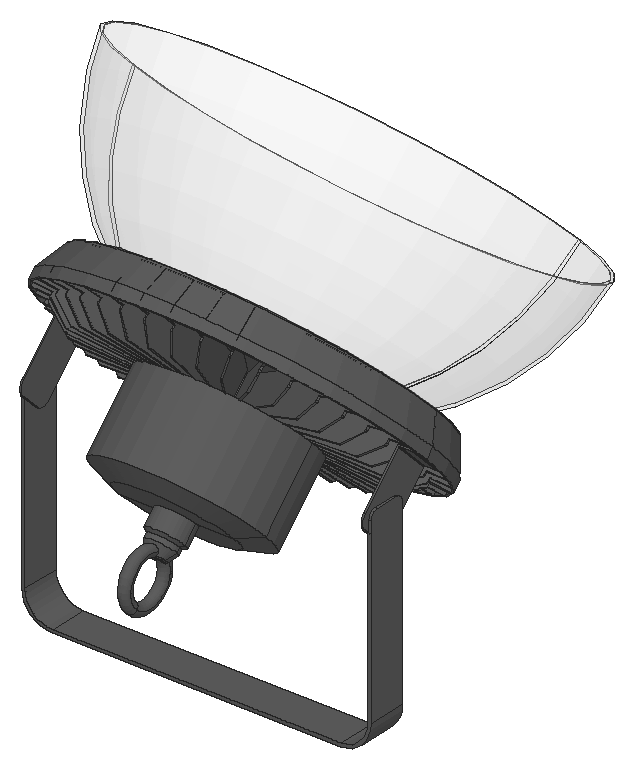
Revit family "0039367+0039355+0039361 Sylvania Lighting Fixture START HighBay IP65 DALI 26000lm 840 WB with BRACKET and PC LAMPSHADE TRANSPARENT FOR 26KLM", category Lighting Fixtures, host Face, Revit 2016 (continued)
Definition of nested family "Start LED Highbay DALI Head"
  Nested families
    nested 5: "Start Highbay Rib" at (0, 0, 80.875) x (0.809, 0.5878, 0) z (0, 0, 1), type "Type Name", detail levels medium+fine
      with SuspensionHeight_FEILO 2.6 mm, WidthStraight_FEILO 4.7 mm, WidthRingChamfer_FEILO 12.9 mm, WidthCurved_FEILO 26.2 mm, WidthCurvedRing_FEILO 4.7 mm, SizeS_FEILO no, Rib4_FEILO 14.6 mm, Rib3_FEILO 20.2 mm, Rib2_FEILO 4.5 mm, Rib1_FEILO 19 mm, RadiusDiffuser_FEILO 120 mm, RHRadius3_FEILO 8.6 mm, RHRadius2_FEILO 14 mm, RHRadius1_FEILO 17.7 mm, RHHeight4_FEILO 9.2 mm, RHHeight3_FEILO 4.6 mm, RHHeight2_FEILO 2.6 mm, RHHeight1_FEILO 17.4 mm, HeightRing_FEILO 36.8 mm, HeightRingChamfer_FEILO 26.6 mm, EyeThickness_FEILO 10.5 mm, EyeThicknessHalf_FEILO 5.25 mm, EyeInner_FEILO 17.3 mm, DriverVerticalStraight_FEILO 57 mm, DriverVerticalChamfer_FEILO 9.5 mm, DriverRadius_FEILO 76.4 mm, DriverRadiusTop_FEILO 52.4 mm, DriverBottom_FEILO 74 mm, Radius_FEILO 169.5 mm
    nested 6: "Start Highbay Rib" at (0, 0, 80.875) x (0.7071, 0.7071, 0) z (0, 0, 1), type "Type Name", detail levels medium+fine
      with SuspensionHeight_FEILO 2.6 mm, WidthStraight_FEILO 4.7 mm, WidthRingChamfer_FEILO 12.9 mm, WidthCurved_FEILO 26.2 mm, WidthCurvedRing_FEILO 4.7 mm, SizeS_FEILO no, Rib4_FEILO 14.6 mm, Rib3_FEILO 20.2 mm, Rib2_FEILO 4.5 mm, Rib1_FEILO 19 mm, RadiusDiffuser_FEILO 120 mm, RHRadius3_FEILO 8.6 mm, RHRadius2_FEILO 14 mm, RHRadius1_FEILO 17.7 mm, RHHeight4_FEILO 9.2 mm, RHHeight3_FEILO 4.6 mm, RHHeight2_FEILO 2.6 mm, RHHeight1_FEILO 17.4 mm, HeightRing_FEILO 36.8 mm, HeightRingChamfer_FEILO 26.6 mm, EyeThickness_FEILO 10.5 mm, EyeThicknessHalf_FEILO 5.25 mm, EyeInner_FEILO 17.3 mm, DriverVerticalStraight_FEILO 57 mm, DriverVerticalChamfer_FEILO 9.5 mm, DriverRadius_FEILO 76.4 mm, DriverRadiusTop_FEILO 52.4 mm, DriverBottom_FEILO 74 mm, Radius_FEILO 169.5 mm
    nested 7: "Start Highbay Rib" at (0, 0, 80.875) x (0.5878, 0.809, 0) z (0, 0, 1), type "Type Name", detail levels medium+fine
      with SuspensionHeight_FEILO 2.6 mm, WidthStraight_FEILO 4.7 mm, WidthRingChamfer_FEILO 12.9 mm, WidthCurved_FEILO 26.2 mm, WidthCurvedRing_FEILO 4.7 mm, SizeS_FEILO no, Rib4_FEILO 14.6 mm, Rib3_FEILO 20.2 mm, Rib2_FEILO 4.5 mm, Rib1_FEILO 19 mm, RadiusDiffuser_FEILO 120 mm, RHRadius3_FEILO 8.6 mm, RHRadius2_FEILO 14 mm, RHRadius1_FEILO 17.7 mm, RHHeight4_FEILO 9.2 mm, RHHeight3_FEILO 4.6 mm, RHHeight2_FEILO 2.6 mm, RHHeight1_FEILO 17.4 mm, HeightRing_FEILO 36.8 mm, HeightRingChamfer_FEILO 26.6 mm, EyeThickness_FEILO 10.5 mm, EyeThicknessHalf_FEILO 5.25 mm, EyeInner_FEILO 17.3 mm, DriverVerticalStraight_FEILO 57 mm, DriverVerticalChamfer_FEILO 9.5 mm, DriverRadius_FEILO 76.4 mm, DriverRadiusTop_FEILO 52.4 mm, DriverBottom_FEILO 74 mm, Radius_FEILO 169.5 mm
    nested 8: "Start Highbay Rib" at (0, 0, 80.875) x (0.454, 0.891, 0) z (0, 0, 1), type "Type Name", detail levels medium+fine
      with SuspensionHeight_FEILO 2.6 mm, WidthStraight_FEILO 4.7 mm, WidthRingChamfer_FEILO 12.9 mm, WidthCurved_FEILO 26.2 mm, WidthCurvedRing_FEILO 4.7 mm, SizeS_FEILO no, Rib4_FEILO 14.6 mm, Rib3_FEILO 20.2 mm, Rib2_FEILO 4.5 mm, Rib1_FEILO 19 mm, RadiusDiffuser_FEILO 120 mm, RHRadius3_FEILO 8.6 mm, RHRadius2_FEILO 14 mm, RHRadius1_FEILO 17.7 mm, RHHeight4_FEILO 9.2 mm, RHHeight3_FEILO 4.6 mm, RHHeight2_FEILO 2.6 mm, RHHeight1_FEILO 17.4 mm, HeightRing_FEILO 36.8 mm, HeightRingChamfer_FEILO 26.6 mm, EyeThickness_FEILO 10.5 mm, EyeThicknessHalf_FEILO 5.25 mm, EyeInner_FEILO 17.3 mm, DriverVerticalStraight_FEILO 57 mm, DriverVerticalChamfer_FEILO 9.5 mm, DriverRadius_FEILO 76.4 mm, DriverRadiusTop_FEILO 52.4 mm, DriverBottom_FEILO 74 mm, Radius_FEILO 169.5 mm
    nested 9: "Start Highbay Rib" at (0, 0, 80.875) x (0.309, 0.9511, 0) z (0, 0, 1), type "Type Name", detail levels medium+fine
      with SuspensionHeight_FEILO 2.6 mm, WidthStraight_FEILO 4.7 mm, WidthRingChamfer_FEILO 12.9 mm, WidthCurved_FEILO 26.2 mm, WidthCurvedRing_FEILO 4.7 mm, SizeS_FEILO no, Rib4_FEILO 14.6 mm, Rib3_FEILO 20.2 mm, Rib2_FEILO 4.5 mm, Rib1_FEILO 19 mm, RadiusDiffuser_FEILO 120 mm, RHRadius3_FEILO 8.6 mm, RHRadius2_FEILO 14 mm, RHRadius1_FEILO 17.7 mm, RHHeight4_FEILO 9.2 mm, RHHeight3_FEILO 4.6 mm, RHHeight2_FEILO 2.6 mm, RHHeight1_FEILO 17.4 mm, HeightRing_FEILO 36.8 mm, HeightRingChamfer_FEILO 26.6 mm, EyeThickness_FEILO 10.5 mm, EyeThicknessHalf_FEILO 5.25 mm, EyeInner_FEILO 17.3 mm, DriverVerticalStraight_FEILO 57 mm, DriverVerticalChamfer_FEILO 9.5 mm, DriverRadius_FEILO 76.4 mm, DriverRadiusTop_FEILO 52.4 mm, DriverBottom_FEILO 74 mm, Radius_FEILO 169.5 mm
    nested 10: "Start Highbay Rib" at (0, 0, 80.875) x (0.1564, 0.9877, 0) z (0, 0, 1), type "Type Name", detail levels medium+fine
      with SuspensionHeight_FEILO 2.6 mm, WidthStraight_FEILO 4.7 mm, WidthRingChamfer_FEILO 12.9 mm, WidthCurved_FEILO 26.2 mm, WidthCurvedRing_FEILO 4.7 mm, SizeS_FEILO no, Rib4_FEILO 14.6 mm, Rib3_FEILO 20.2 mm, Rib2_FEILO 4.5 mm, Rib1_FEILO 19 mm, RadiusDiffuser_FEILO 120 mm, RHRadius3_FEILO 8.6 mm, RHRadius2_FEILO 14 mm, RHRadius1_FEILO 17.7 mm, RHHeight4_FEILO 9.2 mm, RHHeight3_FEILO 4.6 mm, RHHeight2_FEILO 2.6 mm, RHHeight1_FEILO 17.4 mm, HeightRing_FEILO 36.8 mm, HeightRingChamfer_FEILO 26.6 mm, EyeThickness_FEILO 10.5 mm, EyeThicknessHalf_FEILO 5.25 mm, EyeInner_FEILO 17.3 mm, DriverVerticalStraight_FEILO 57 mm, DriverVerticalChamfer_FEILO 9.5 mm, DriverRadius_FEILO 76.4 mm, DriverRadiusTop_FEILO 52.4 mm, DriverBottom_FEILO 74 mm, Radius_FEILO 169.5 mm
    nested 11: "Start Highbay Rib" at (0, 0, 80.875) x (0, 1, 0) z (0, 0, 1), type "Type Name", detail levels medium+fine
      with SuspensionHeight_FEILO 2.6 mm, WidthStraight_FEILO 4.7 mm, WidthRingChamfer_FEILO 12.9 mm, WidthCurved_FEILO 26.2 mm, WidthCurvedRing_FEILO 4.7 mm, SizeS_FEILO no, Rib4_FEILO 14.6 mm, Rib3_FEILO 20.2 mm, Rib2_FEILO 4.5 mm, Rib1_FEILO 19 mm, RadiusDiffuser_FEILO 120 mm, RHRadius3_FEILO 8.6 mm, RHRadius2_FEILO 14 mm, RHRadius1_FEILO 17.7 mm, RHHeight4_FEILO 9.2 mm, RHHeight3_FEILO 4.6 mm, RHHeight2_FEILO 2.6 mm, RHHeight1_FEILO 17.4 mm, HeightRing_FEILO 36.8 mm, HeightRingChamfer_FEILO 26.6 mm, EyeThickness_FEILO 10.5 mm, EyeThicknessHalf_FEILO 5.25 mm, EyeInner_FEILO 17.3 mm, DriverVerticalStraight_FEILO 57 mm, DriverVerticalChamfer_FEILO 9.5 mm, DriverRadius_FEILO 76.4 mm, DriverRadiusTop_FEILO 52.4 mm, DriverBottom_FEILO 74 mm, Radius_FEILO 169.5 mm
    nested 12: "Start Highbay Rib" at (0, 0, 80.875) x (-0.1564, 0.9877, 0) z (0, 0, 1), type "Type Name", detail levels medium+fine
      with SuspensionHeight_FEILO 2.6 mm, WidthStraight_FEILO 4.7 mm, WidthRingChamfer_FEILO 12.9 mm, WidthCurved_FEILO 26.2 mm, WidthCurvedRing_FEILO 4.7 mm, SizeS_FEILO no, Rib4_FEILO 14.6 mm, Rib3_FEILO 20.2 mm, Rib2_FEILO 4.5 mm, Rib1_FEILO 19 mm, RadiusDiffuser_FEILO 120 mm, RHRadius3_FEILO 8.6 mm, RHRadius2_FEILO 14 mm, RHRadius1_FEILO 17.7 mm, RHHeight4_FEILO 9.2 mm, RHHeight3_FEILO 4.6 mm, RHHeight2_FEILO 2.6 mm, RHHeight1_FEILO 17.4 mm, HeightRing_FEILO 36.8 mm, HeightRingChamfer_FEILO 26.6 mm, EyeThickness_FEILO 10.5 mm, EyeThicknessHalf_FEILO 5.25 mm, EyeInner_FEILO 17.3 mm, DriverVerticalStraight_FEILO 57 mm, DriverVerticalChamfer_FEILO 9.5 mm, DriverRadius_FEILO 76.4 mm, DriverRadiusTop_FEILO 52.4 mm, DriverBottom_FEILO 74 mm, Radius_FEILO 169.5 mm
    nested 13: "Start Highbay Rib" at (0, 0, 80.875) x (-0.309, 0.9511, 0) z (0, 0, 1), type "Type Name", detail levels medium+fine
      with SuspensionHeight_FEILO 2.6 mm, WidthStraight_FEILO 4.7 mm, WidthRingChamfer_FEILO 12.9 mm, WidthCurved_FEILO 26.2 mm, WidthCurvedRing_FEILO 4.7 mm, SizeS_FEILO no, Rib4_FEILO 14.6 mm, Rib3_FEILO 20.2 mm, Rib2_FEILO 4.5 mm, Rib1_FEILO 19 mm, RadiusDiffuser_FEILO 120 mm, RHRadius3_FEILO 8.6 mm, RHRadius2_FEILO 14 mm, RHRadius1_FEILO 17.7 mm, RHHeight4_FEILO 9.2 mm, RHHeight3_FEILO 4.6 mm, RHHeight2_FEILO 2.6 mm, RHHeight1_FEILO 17.4 mm, HeightRing_FEILO 36.8 mm, HeightRingChamfer_FEILO 26.6 mm, EyeThickness_FEILO 10.5 mm, EyeThicknessHalf_FEILO 5.25 mm, EyeInner_FEILO 17.3 mm, DriverVerticalStraight_FEILO 57 mm, DriverVerticalChamfer_FEILO 9.5 mm, DriverRadius_FEILO 76.4 mm, DriverRadiusTop_FEILO 52.4 mm, DriverBottom_FEILO 74 mm, Radius_FEILO 169.5 mm
    nested 14: "Start Highbay Rib" at (0, 0, 80.875) x (-0.454, 0.891, 0) z (0, 0, 1), type "Type Name", detail levels medium+fine
      with SuspensionHeight_FEILO 2.6 mm, WidthStraight_FEILO 4.7 mm, WidthRingChamfer_FEILO 12.9 mm, WidthCurved_FEILO 26.2 mm, WidthCurvedRing_FEILO 4.7 mm, SizeS_FEILO no, Rib4_FEILO 14.6 mm, Rib3_FEILO 20.2 mm, Rib2_FEILO 4.5 mm, Rib1_FEILO 19 mm, RadiusDiffuser_FEILO 120 mm, RHRadius3_FEILO 8.6 mm, RHRadius2_FEILO 14 mm, RHRadius1_FEILO 17.7 mm, RHHeight4_FEILO 9.2 mm, RHHeight3_FEILO 4.6 mm, RHHeight2_FEILO 2.6 mm, RHHeight1_FEILO 17.4 mm, HeightRing_FEILO 36.8 mm, HeightRingChamfer_FEILO 26.6 mm, EyeThickness_FEILO 10.5 mm, EyeThicknessHalf_FEILO 5.25 mm, EyeInner_FEILO 17.3 mm, DriverVerticalStraight_FEILO 57 mm, DriverVerticalChamfer_FEILO 9.5 mm, DriverRadius_FEILO 76.4 mm, DriverRadiusTop_FEILO 52.4 mm, DriverBottom_FEILO 74 mm, Radius_FEILO 169.5 mm
    nested 15: "Start Highbay Rib" at (0, 0, 80.875) x (-0.5878, 0.809, 0) z (0, 0, 1), type "Type Name", detail levels medium+fine
      with SuspensionHeight_FEILO 2.6 mm, WidthStraight_FEILO 4.7 mm, WidthRingChamfer_FEILO 12.9 mm, WidthCurved_FEILO 26.2 mm, WidthCurvedRing_FEILO 4.7 mm, SizeS_FEILO no, Rib4_FEILO 14.6 mm, Rib3_FEILO 20.2 mm, Rib2_FEILO 4.5 mm, Rib1_FEILO 19 mm, RadiusDiffuser_FEILO 120 mm, RHRadius3_FEILO 8.6 mm, RHRadius2_FEILO 14 mm, RHRadius1_FEILO 17.7 mm, RHHeight4_FEILO 9.2 mm, RHHeight3_FEILO 4.6 mm, RHHeight2_FEILO 2.6 mm, RHHeight1_FEILO 17.4 mm, HeightRing_FEILO 36.8 mm, HeightRingChamfer_FEILO 26.6 mm, EyeThickness_FEILO 10.5 mm, EyeThicknessHalf_FEILO 5.25 mm, EyeInner_FEILO 17.3 mm, DriverVerticalStraight_FEILO 57 mm, DriverVerticalChamfer_FEILO 9.5 mm, DriverRadius_FEILO 76.4 mm, DriverRadiusTop_FEILO 52.4 mm, DriverBottom_FEILO 74 mm, Radius_FEILO 169.5 mm
    nested 16: "Start Highbay Rib" at (0, 0, 80.875) x (-0.7071, 0.7071, 0) z (0, 0, 1), type "Type Name", detail levels medium+fine
      with SuspensionHeight_FEILO 2.6 mm, WidthStraight_FEILO 4.7 mm, WidthRingChamfer_FEILO 12.9 mm, WidthCurved_FEILO 26.2 mm, WidthCurvedRing_FEILO 4.7 mm, SizeS_FEILO no, Rib4_FEILO 14.6 mm, Rib3_FEILO 20.2 mm, Rib2_FEILO 4.5 mm, Rib1_FEILO 19 mm, RadiusDiffuser_FEILO 120 mm, RHRadius3_FEILO 8.6 mm, RHRadius2_FEILO 14 mm, RHRadius1_FEILO 17.7 mm, RHHeight4_FEILO 9.2 mm, RHHeight3_FEILO 4.6 mm, RHHeight2_FEILO 2.6 mm, RHHeight1_FEILO 17.4 mm, HeightRing_FEILO 36.8 mm, HeightRingChamfer_FEILO 26.6 mm, EyeThickness_FEILO 10.5 mm, EyeThicknessHalf_FEILO 5.25 mm, EyeInner_FEILO 17.3 mm, DriverVerticalStraight_FEILO 57 mm, DriverVerticalChamfer_FEILO 9.5 mm, DriverRadius_FEILO 76.4 mm, DriverRadiusTop_FEILO 52.4 mm, DriverBottom_FEILO 74 mm, Radius_FEILO 169.5 mm
    nested 17: "Start Highbay Rib" at (0, 0, 80.875) x (-0.809, 0.5878, 0) z (0, 0, 1), type "Type Name", detail levels medium+fine
      with SuspensionHeight_FEILO 2.6 mm, WidthStraight_FEILO 4.7 mm, WidthRingChamfer_FEILO 12.9 mm, WidthCurved_FEILO 26.2 mm, WidthCurvedRing_FEILO 4.7 mm, SizeS_FEILO no, Rib4_FEILO 14.6 mm, Rib3_FEILO 20.2 mm, Rib2_FEILO 4.5 mm, Rib1_FEILO 19 mm, RadiusDiffuser_FEILO 120 mm, RHRadius3_FEILO 8.6 mm, RHRadius2_FEILO 14 mm, RHRadius1_FEILO 17.7 mm, RHHeight4_FEILO 9.2 mm, RHHeight3_FEILO 4.6 mm, RHHeight2_FEILO 2.6 mm, RHHeight1_FEILO 17.4 mm, HeightRing_FEILO 36.8 mm, HeightRingChamfer_FEILO 26.6 mm, EyeThickness_FEILO 10.5 mm, EyeThicknessHalf_FEILO 5.25 mm, EyeInner_FEILO 17.3 mm, DriverVerticalStraight_FEILO 57 mm, DriverVerticalChamfer_FEILO 9.5 mm, DriverRadius_FEILO 76.4 mm, DriverRadiusTop_FEILO 52.4 mm, DriverBottom_FEILO 74 mm, Radius_FEILO 169.5 mm
    nested 18: "Start Highbay Rib" at (0, 0, 80.875) x (-0.891, 0.454, 0) z (0, 0, 1), type "Type Name", detail levels medium+fine
      with SuspensionHeight_FEILO 2.6 mm, WidthStraight_FEILO 4.7 mm, WidthRingChamfer_FEILO 12.9 mm, WidthCurved_FEILO 26.2 mm, WidthCurvedRing_FEILO 4.7 mm, SizeS_FEILO no, Rib4_FEILO 14.6 mm, Rib3_FEILO 20.2 mm, Rib2_FEILO 4.5 mm, Rib1_FEILO 19 mm, RadiusDiffuser_FEILO 120 mm, RHRadius3_FEILO 8.6 mm, RHRadius2_FEILO 14 mm, RHRadius1_FEILO 17.7 mm, RHHeight4_FEILO 9.2 mm, RHHeight3_FEILO 4.6 mm, RHHeight2_FEILO 2.6 mm, RHHeight1_FEILO 17.4 mm, HeightRing_FEILO 36.8 mm, HeightRingChamfer_FEILO 26.6 mm, EyeThickness_FEILO 10.5 mm, EyeThicknessHalf_FEILO 5.25 mm, EyeInner_FEILO 17.3 mm, DriverVerticalStraight_FEILO 57 mm, DriverVerticalChamfer_FEILO 9.5 mm, DriverRadius_FEILO 76.4 mm, DriverRadiusTop_FEILO 52.4 mm, DriverBottom_FEILO 74 mm, Radius_FEILO 169.5 mm
    nested 19: "Start Highbay Rib" at (0, 0, 80.875) x (-0.9511, 0.309, 0) z (0, 0, 1), type "Type Name", detail levels medium+fine
      with SuspensionHeight_FEILO 2.6 mm, WidthStraight_FEILO 4.7 mm, WidthRingChamfer_FEILO 12.9 mm, WidthCurved_FEILO 26.2 mm, WidthCurvedRing_FEILO 4.7 mm, SizeS_FEILO no, Rib4_FEILO 14.6 mm, Rib3_FEILO 20.2 mm, Rib2_FEILO 4.5 mm, Rib1_FEILO 19 mm, RadiusDiffuser_FEILO 120 mm, RHRadius3_FEILO 8.6 mm, RHRadius2_FEILO 14 mm, RHRadius1_FEILO 17.7 mm, RHHeight4_FEILO 9.2 mm, RHHeight3_FEILO 4.6 mm, RHHeight2_FEILO 2.6 mm, RHHeight1_FEILO 17.4 mm, HeightRing_FEILO 36.8 mm, HeightRingChamfer_FEILO 26.6 mm, EyeThickness_FEILO 10.5 mm, EyeThicknessHalf_FEILO 5.25 mm, EyeInner_FEILO 17.3 mm, DriverVerticalStraight_FEILO 57 mm, DriverVerticalChamfer_FEILO 9.5 mm, DriverRadius_FEILO 76.4 mm, DriverRadiusTop_FEILO 52.4 mm, DriverBottom_FEILO 74 mm, Radius_FEILO 169.5 mm
    nested 20: "Start Highbay Rib" at (0, 0, 80.875) x (-0.9877, 0.1564, 0) z (0, 0, 1), type "Type Name", detail levels medium+fine
      with SuspensionHeight_FEILO 2.6 mm, WidthStraight_FEILO 4.7 mm, WidthRingChamfer_FEILO 12.9 mm, WidthCurved_FEILO 26.2 mm, WidthCurvedRing_FEILO 4.7 mm, SizeS_FEILO no, Rib4_FEILO 14.6 mm, Rib3_FEILO 20.2 mm, Rib2_FEILO 4.5 mm, Rib1_FEILO 19 mm, RadiusDiffuser_FEILO 120 mm, RHRadius3_FEILO 8.6 mm, RHRadius2_FEILO 14 mm, RHRadius1_FEILO 17.7 mm, RHHeight4_FEILO 9.2 mm, RHHeight3_FEILO 4.6 mm, RHHeight2_FEILO 2.6 mm, RHHeight1_FEILO 17.4 mm, HeightRing_FEILO 36.8 mm, HeightRingChamfer_FEILO 26.6 mm, EyeThickness_FEILO 10.5 mm, EyeThicknessHalf_FEILO 5.25 mm, EyeInner_FEILO 17.3 mm, DriverVerticalStraight_FEILO 57 mm, DriverVerticalChamfer_FEILO 9.5 mm, DriverRadius_FEILO 76.4 mm, DriverRadiusTop_FEILO 52.4 mm, DriverBottom_FEILO 74 mm, Radius_FEILO 169.5 mm
    nested 21: "Start Highbay Rib" at (0, 0, 80.875) x (-1, 0, 0) z (0, 0, 1), type "Type Name", detail levels medium+fine
      with SuspensionHeight_FEILO 2.6 mm, WidthStraight_FEILO 4.7 mm, WidthRingChamfer_FEILO 12.9 mm, WidthCurved_FEILO 26.2 mm, WidthCurvedRing_FEILO 4.7 mm, SizeS_FEILO no, Rib4_FEILO 14.6 mm, Rib3_FEILO 20.2 mm, Rib2_FEILO 4.5 mm, Rib1_FEILO 19 mm, RadiusDiffuser_FEILO 120 mm, RHRadius3_FEILO 8.6 mm, RHRadius2_FEILO 14 mm, RHRadius1_FEILO 17.7 mm, RHHeight4_FEILO 9.2 mm, RHHeight3_FEILO 4.6 mm, RHHeight2_FEILO 2.6 mm, RHHeight1_FEILO 17.4 mm, HeightRing_FEILO 36.8 mm, HeightRingChamfer_FEILO 26.6 mm, EyeThickness_FEILO 10.5 mm, EyeThicknessHalf_FEILO 5.25 mm, EyeInner_FEILO 17.3 mm, DriverVerticalStraight_FEILO 57 mm, DriverVerticalChamfer_FEILO 9.5 mm, DriverRadius_FEILO 76.4 mm, DriverRadiusTop_FEILO 52.4 mm, DriverBottom_FEILO 74 mm, Radius_FEILO 169.5 mm
    nested 22: "Start Highbay Rib" at (0, 0, 80.875) x (-0.9877, -0.1564, 0) z (0, 0, 1), type "Type Name", detail levels medium+fine
      with SuspensionHeight_FEILO 2.6 mm, WidthStraight_FEILO 4.7 mm, WidthRingChamfer_FEILO 12.9 mm, WidthCurved_FEILO 26.2 mm, WidthCurvedRing_FEILO 4.7 mm, SizeS_FEILO no, Rib4_FEILO 14.6 mm, Rib3_FEILO 20.2 mm, Rib2_FEILO 4.5 mm, Rib1_FEILO 19 mm, RadiusDiffuser_FEILO 120 mm, RHRadius3_FEILO 8.6 mm, RHRadius2_FEILO 14 mm, RHRadius1_FEILO 17.7 mm, RHHeight4_FEILO 9.2 mm, RHHeight3_FEILO 4.6 mm, RHHeight2_FEILO 2.6 mm, RHHeight1_FEILO 17.4 mm, HeightRing_FEILO 36.8 mm, HeightRingChamfer_FEILO 26.6 mm, EyeThickness_FEILO 10.5 mm, EyeThicknessHalf_FEILO 5.25 mm, EyeInner_FEILO 17.3 mm, DriverVerticalStraight_FEILO 57 mm, DriverVerticalChamfer_FEILO 9.5 mm, DriverRadius_FEILO 76.4 mm, DriverRadiusTop_FEILO 52.4 mm, DriverBottom_FEILO 74 mm, Radius_FEILO 169.5 mm
    nested 23: "Start Highbay Rib" at (0, 0, 80.875) x (-0.9511, -0.309, 0) z (0, 0, 1), type "Type Name", detail levels medium+fine
      with SuspensionHeight_FEILO 2.6 mm, WidthStraight_FEILO 4.7 mm, WidthRingChamfer_FEILO 12.9 mm, WidthCurved_FEILO 26.2 mm, WidthCurvedRing_FEILO 4.7 mm, SizeS_FEILO no, Rib4_FEILO 14.6 mm, Rib3_FEILO 20.2 mm, Rib2_FEILO 4.5 mm, Rib1_FEILO 19 mm, RadiusDiffuser_FEILO 120 mm, RHRadius3_FEILO 8.6 mm, RHRadius2_FEILO 14 mm, RHRadius1_FEILO 17.7 mm, RHHeight4_FEILO 9.2 mm, RHHeight3_FEILO 4.6 mm, RHHeight2_FEILO 2.6 mm, RHHeight1_FEILO 17.4 mm, HeightRing_FEILO 36.8 mm, HeightRingChamfer_FEILO 26.6 mm, EyeThickness_FEILO 10.5 mm, EyeThicknessHalf_FEILO 5.25 mm, EyeInner_FEILO 17.3 mm, DriverVerticalStraight_FEILO 57 mm, DriverVerticalChamfer_FEILO 9.5 mm, DriverRadius_FEILO 76.4 mm, DriverRadiusTop_FEILO 52.4 mm, DriverBottom_FEILO 74 mm, Radius_FEILO 169.5 mm
    nested 24: "Start Highbay Rib" at (0, 0, 80.875) x (-0.891, -0.454, 0) z (0, 0, 1), type "Type Name", detail levels medium+fine
      with SuspensionHeight_FEILO 2.6 mm, WidthStraight_FEILO 4.7 mm, WidthRingChamfer_FEILO 12.9 mm, WidthCurved_FEILO 26.2 mm, WidthCurvedRing_FEILO 4.7 mm, SizeS_FEILO no, Rib4_FEILO 14.6 mm, Rib3_FEILO 20.2 mm, Rib2_FEILO 4.5 mm, Rib1_FEILO 19 mm, RadiusDiffuser_FEILO 120 mm, RHRadius3_FEILO 8.6 mm, RHRadius2_FEILO 14 mm, RHRadius1_FEILO 17.7 mm, RHHeight4_FEILO 9.2 mm, RHHeight3_FEILO 4.6 mm, RHHeight2_FEILO 2.6 mm, RHHeight1_FEILO 17.4 mm, HeightRing_FEILO 36.8 mm, HeightRingChamfer_FEILO 26.6 mm, EyeThickness_FEILO 10.5 mm, EyeThicknessHalf_FEILO 5.25 mm, EyeInner_FEILO 17.3 mm, DriverVerticalStraight_FEILO 57 mm, DriverVerticalChamfer_FEILO 9.5 mm, DriverRadius_FEILO 76.4 mm, DriverRadiusTop_FEILO 52.4 mm, DriverBottom_FEILO 74 mm, Radius_FEILO 169.5 mm
    nested 25: "Start Highbay Rib" at (0, 0, 80.875) x (-0.809, -0.5878, 0) z (0, 0, 1), type "Type Name", detail levels medium+fine
      with SuspensionHeight_FEILO 2.6 mm, WidthStraight_FEILO 4.7 mm, WidthRingChamfer_FEILO 12.9 mm, WidthCurved_FEILO 26.2 mm, WidthCurvedRing_FEILO 4.7 mm, SizeS_FEILO no, Rib4_FEILO 14.6 mm, Rib3_FEILO 20.2 mm, Rib2_FEILO 4.5 mm, Rib1_FEILO 19 mm, RadiusDiffuser_FEILO 120 mm, RHRadius3_FEILO 8.6 mm, RHRadius2_FEILO 14 mm, RHRadius1_FEILO 17.7 mm, RHHeight4_FEILO 9.2 mm, RHHeight3_FEILO 4.6 mm, RHHeight2_FEILO 2.6 mm, RHHeight1_FEILO 17.4 mm, HeightRing_FEILO 36.8 mm, HeightRingChamfer_FEILO 26.6 mm, EyeThickness_FEILO 10.5 mm, EyeThicknessHalf_FEILO 5.25 mm, EyeInner_FEILO 17.3 mm, DriverVerticalStraight_FEILO 57 mm, DriverVerticalChamfer_FEILO 9.5 mm, DriverRadius_FEILO 76.4 mm, DriverRadiusTop_FEILO 52.4 mm, DriverBottom_FEILO 74 mm, Radius_FEILO 169.5 mm
    nested 26: "Start Highbay Rib" at (0, 0, 80.875) x (-0.7071, -0.7071, 0) z (0, 0, 1), type "Type Name", detail levels medium+fine
      with SuspensionHeight_FEILO 2.6 mm, WidthStraight_FEILO 4.7 mm, WidthRingChamfer_FEILO 12.9 mm, WidthCurved_FEILO 26.2 mm, WidthCurvedRing_FEILO 4.7 mm, SizeS_FEILO no, Rib4_FEILO 14.6 mm, Rib3_FEILO 20.2 mm, Rib2_FEILO 4.5 mm, Rib1_FEILO 19 mm, RadiusDiffuser_FEILO 120 mm, RHRadius3_FEILO 8.6 mm, RHRadius2_FEILO 14 mm, RHRadius1_FEILO 17.7 mm, RHHeight4_FEILO 9.2 mm, RHHeight3_FEILO 4.6 mm, RHHeight2_FEILO 2.6 mm, RHHeight1_FEILO 17.4 mm, HeightRing_FEILO 36.8 mm, HeightRingChamfer_FEILO 26.6 mm, EyeThickness_FEILO 10.5 mm, EyeThicknessHalf_FEILO 5.25 mm, EyeInner_FEILO 17.3 mm, DriverVerticalStraight_FEILO 57 mm, DriverVerticalChamfer_FEILO 9.5 mm, DriverRadius_FEILO 76.4 mm, DriverRadiusTop_FEILO 52.4 mm, DriverBottom_FEILO 74 mm, Radius_FEILO 169.5 mm
    nested 27: "Start Highbay Rib" at (0, 0, 80.875) x (-0.5878, -0.809, 0) z (0, 0, 1), type "Type Name", detail levels medium+fine
      with SuspensionHeight_FEILO 2.6 mm, WidthStraight_FEILO 4.7 mm, WidthRingChamfer_FEILO 12.9 mm, WidthCurved_FEILO 26.2 mm, WidthCurvedRing_FEILO 4.7 mm, SizeS_FEILO no, Rib4_FEILO 14.6 mm, Rib3_FEILO 20.2 mm, Rib2_FEILO 4.5 mm, Rib1_FEILO 19 mm, RadiusDiffuser_FEILO 120 mm, RHRadius3_FEILO 8.6 mm, RHRadius2_FEILO 14 mm, RHRadius1_FEILO 17.7 mm, RHHeight4_FEILO 9.2 mm, RHHeight3_FEILO 4.6 mm, RHHeight2_FEILO 2.6 mm, RHHeight1_FEILO 17.4 mm, HeightRing_FEILO 36.8 mm, HeightRingChamfer_FEILO 26.6 mm, EyeThickness_FEILO 10.5 mm, EyeThicknessHalf_FEILO 5.25 mm, EyeInner_FEILO 17.3 mm, DriverVerticalStraight_FEILO 57 mm, DriverVerticalChamfer_FEILO 9.5 mm, DriverRadius_FEILO 76.4 mm, DriverRadiusTop_FEILO 52.4 mm, DriverBottom_FEILO 74 mm, Radius_FEILO 169.5 mm
    nested 28: "Start Highbay Rib" at (0, 0, 80.875) x (-0.454, -0.891, 0) z (0, 0, 1), type "Type Name", detail levels medium+fine
      with SuspensionHeight_FEILO 2.6 mm, WidthStraight_FEILO 4.7 mm, WidthRingChamfer_FEILO 12.9 mm, WidthCurved_FEILO 26.2 mm, WidthCurvedRing_FEILO 4.7 mm, SizeS_FEILO no, Rib4_FEILO 14.6 mm, Rib3_FEILO 20.2 mm, Rib2_FEILO 4.5 mm, Rib1_FEILO 19 mm, RadiusDiffuser_FEILO 120 mm, RHRadius3_FEILO 8.6 mm, RHRadius2_FEILO 14 mm, RHRadius1_FEILO 17.7 mm, RHHeight4_FEILO 9.2 mm, RHHeight3_FEILO 4.6 mm, RHHeight2_FEILO 2.6 mm, RHHeight1_FEILO 17.4 mm, HeightRing_FEILO 36.8 mm, HeightRingChamfer_FEILO 26.6 mm, EyeThickness_FEILO 10.5 mm, EyeThicknessHalf_FEILO 5.25 mm, EyeInner_FEILO 17.3 mm, DriverVerticalStraight_FEILO 57 mm, DriverVerticalChamfer_FEILO 9.5 mm, DriverRadius_FEILO 76.4 mm, DriverRadiusTop_FEILO 52.4 mm, DriverBottom_FEILO 74 mm, Radius_FEILO 169.5 mm
    nested 29: "Start Highbay Rib" at (0, 0, 80.875) x (-0.309, -0.9511, 0) z (0, 0, 1), type "Type Name", detail levels medium+fine
      with SuspensionHeight_FEILO 2.6 mm, WidthStraight_FEILO 4.7 mm, WidthRingChamfer_FEILO 12.9 mm, WidthCurved_FEILO 26.2 mm, WidthCurvedRing_FEILO 4.7 mm, SizeS_FEILO no, Rib4_FEILO 14.6 mm, Rib3_FEILO 20.2 mm, Rib2_FEILO 4.5 mm, Rib1_FEILO 19 mm, RadiusDiffuser_FEILO 120 mm, RHRadius3_FEILO 8.6 mm, RHRadius2_FEILO 14 mm, RHRadius1_FEILO 17.7 mm, RHHeight4_FEILO 9.2 mm, RHHeight3_FEILO 4.6 mm, RHHeight2_FEILO 2.6 mm, RHHeight1_FEILO 17.4 mm, HeightRing_FEILO 36.8 mm, HeightRingChamfer_FEILO 26.6 mm, EyeThickness_FEILO 10.5 mm, EyeThicknessHalf_FEILO 5.25 mm, EyeInner_FEILO 17.3 mm, DriverVerticalStraight_FEILO 57 mm, DriverVerticalChamfer_FEILO 9.5 mm, DriverRadius_FEILO 76.4 mm, DriverRadiusTop_FEILO 52.4 mm, DriverBottom_FEILO 74 mm, Radius_FEILO 169.5 mm
    nested 30: "Start Highbay Rib" at (0, 0, 80.875) x (-0.1564, -0.9877, 0) z (0, 0, 1), type "Type Name", detail levels medium+fine
      with SuspensionHeight_FEILO 2.6 mm, WidthStraight_FEILO 4.7 mm, WidthRingChamfer_FEILO 12.9 mm, WidthCurved_FEILO 26.2 mm, WidthCurvedRing_FEILO 4.7 mm, SizeS_FEILO no, Rib4_FEILO 14.6 mm, Rib3_FEILO 20.2 mm, Rib2_FEILO 4.5 mm, Rib1_FEILO 19 mm, RadiusDiffuser_FEILO 120 mm, RHRadius3_FEILO 8.6 mm, RHRadius2_FEILO 14 mm, RHRadius1_FEILO 17.7 mm, RHHeight4_FEILO 9.2 mm, RHHeight3_FEILO 4.6 mm, RHHeight2_FEILO 2.6 mm, RHHeight1_FEILO 17.4 mm, HeightRing_FEILO 36.8 mm, HeightRingChamfer_FEILO 26.6 mm, EyeThickness_FEILO 10.5 mm, EyeThicknessHalf_FEILO 5.25 mm, EyeInner_FEILO 17.3 mm, DriverVerticalStraight_FEILO 57 mm, DriverVerticalChamfer_FEILO 9.5 mm, DriverRadius_FEILO 76.4 mm, DriverRadiusTop_FEILO 52.4 mm, DriverBottom_FEILO 74 mm, Radius_FEILO 169.5 mm
    nested 31: "Start Highbay Rib" at (0, 0, 80.875) x (0, -1, 0) z (0, 0, 1), type "Type Name", detail levels medium+fine
      with SuspensionHeight_FEILO 2.6 mm, WidthStraight_FEILO 4.7 mm, WidthRingChamfer_FEILO 12.9 mm, WidthCurved_FEILO 26.2 mm, WidthCurvedRing_FEILO 4.7 mm, SizeS_FEILO no, Rib4_FEILO 14.6 mm, Rib3_FEILO 20.2 mm, Rib2_FEILO 4.5 mm, Rib1_FEILO 19 mm, RadiusDiffuser_FEILO 120 mm, RHRadius3_FEILO 8.6 mm, RHRadius2_FEILO 14 mm, RHRadius1_FEILO 17.7 mm, RHHeight4_FEILO 9.2 mm, RHHeight3_FEILO 4.6 mm, RHHeight2_FEILO 2.6 mm, RHHeight1_FEILO 17.4 mm, HeightRing_FEILO 36.8 mm, HeightRingChamfer_FEILO 26.6 mm, EyeThickness_FEILO 10.5 mm, EyeThicknessHalf_FEILO 5.25 mm, EyeInner_FEILO 17.3 mm, DriverVerticalStraight_FEILO 57 mm, DriverVerticalChamfer_FEILO 9.5 mm, DriverRadius_FEILO 76.4 mm, DriverRadiusTop_FEILO 52.4 mm, DriverBottom_FEILO 74 mm, Radius_FEILO 169.5 mm
    nested 32: "Start Highbay Rib" at (0, 0, 80.875) x (0.1564, -0.9877, 0) z (0, 0, 1), type "Type Name", detail levels medium+fine
      with SuspensionHeight_FEILO 2.6 mm, WidthStraight_FEILO 4.7 mm, WidthRingChamfer_FEILO 12.9 mm, WidthCurved_FEILO 26.2 mm, WidthCurvedRing_FEILO 4.7 mm, SizeS_FEILO no, Rib4_FEILO 14.6 mm, Rib3_FEILO 20.2 mm, Rib2_FEILO 4.5 mm, Rib1_FEILO 19 mm, RadiusDiffuser_FEILO 120 mm, RHRadius3_FEILO 8.6 mm, RHRadius2_FEILO 14 mm, RHRadius1_FEILO 17.7 mm, RHHeight4_FEILO 9.2 mm, RHHeight3_FEILO 4.6 mm, RHHeight2_FEILO 2.6 mm, RHHeight1_FEILO 17.4 mm, HeightRing_FEILO 36.8 mm, HeightRingChamfer_FEILO 26.6 mm, EyeThickness_FEILO 10.5 mm, EyeThicknessHalf_FEILO 5.25 mm, EyeInner_FEILO 17.3 mm, DriverVerticalStraight_FEILO 57 mm, DriverVerticalChamfer_FEILO 9.5 mm, DriverRadius_FEILO 76.4 mm, DriverRadiusTop_FEILO 52.4 mm, DriverBottom_FEILO 74 mm, Radius_FEILO 169.5 mm
    nested 33: "Start Highbay Rib" at (0, 0, 80.875) x (0.309, -0.9511, 0) z (0, 0, 1), type "Type Name", detail levels medium+fine
      with SuspensionHeight_FEILO 2.6 mm, WidthStraight_FEILO 4.7 mm, WidthRingChamfer_FEILO 12.9 mm, WidthCurved_FEILO 26.2 mm, WidthCurvedRing_FEILO 4.7 mm, SizeS_FEILO no, Rib4_FEILO 14.6 mm, Rib3_FEILO 20.2 mm, Rib2_FEILO 4.5 mm, Rib1_FEILO 19 mm, RadiusDiffuser_FEILO 120 mm, RHRadius3_FEILO 8.6 mm, RHRadius2_FEILO 14 mm, RHRadius1_FEILO 17.7 mm, RHHeight4_FEILO 9.2 mm, RHHeight3_FEILO 4.6 mm, RHHeight2_FEILO 2.6 mm, RHHeight1_FEILO 17.4 mm, HeightRing_FEILO 36.8 mm, HeightRingChamfer_FEILO 26.6 mm, EyeThickness_FEILO 10.5 mm, EyeThicknessHalf_FEILO 5.25 mm, EyeInner_FEILO 17.3 mm, DriverVerticalStraight_FEILO 57 mm, DriverVerticalChamfer_FEILO 9.5 mm, DriverRadius_FEILO 76.4 mm, DriverRadiusTop_FEILO 52.4 mm, DriverBottom_FEILO 74 mm, Radius_FEILO 169.5 mm
    nested 34: "Start Highbay Rib" at (0, 0, 80.875) x (0.454, -0.891, 0) z (0, 0, 1), type "Type Name", detail levels medium+fine
      with SuspensionHeight_FEILO 2.6 mm, WidthStraight_FEILO 4.7 mm, WidthRingChamfer_FEILO 12.9 mm, WidthCurved_FEILO 26.2 mm, WidthCurvedRing_FEILO 4.7 mm, SizeS_FEILO no, Rib4_FEILO 14.6 mm, Rib3_FEILO 20.2 mm, Rib2_FEILO 4.5 mm, Rib1_FEILO 19 mm, RadiusDiffuser_FEILO 120 mm, RHRadius3_FEILO 8.6 mm, RHRadius2_FEILO 14 mm, RHRadius1_FEILO 17.7 mm, RHHeight4_FEILO 9.2 mm, RHHeight3_FEILO 4.6 mm, RHHeight2_FEILO 2.6 mm, RHHeight1_FEILO 17.4 mm, HeightRing_FEILO 36.8 mm, HeightRingChamfer_FEILO 26.6 mm, EyeThickness_FEILO 10.5 mm, EyeThicknessHalf_FEILO 5.25 mm, EyeInner_FEILO 17.3 mm, DriverVerticalStraight_FEILO 57 mm, DriverVerticalChamfer_FEILO 9.5 mm, DriverRadius_FEILO 76.4 mm, DriverRadiusTop_FEILO 52.4 mm, DriverBottom_FEILO 74 mm, Radius_FEILO 169.5 mm
    nested 35: "Start Highbay Rib" at (0, 0, 80.875) x (0.5878, -0.809, 0) z (0, 0, 1), type "Type Name", detail levels medium+fine
      with SuspensionHeight_FEILO 2.6 mm, WidthStraight_FEILO 4.7 mm, WidthRingChamfer_FEILO 12.9 mm, WidthCurved_FEILO 26.2 mm, WidthCurvedRing_FEILO 4.7 mm, SizeS_FEILO no, Rib4_FEILO 14.6 mm, Rib3_FEILO 20.2 mm, Rib2_FEILO 4.5 mm, Rib1_FEILO 19 mm, RadiusDiffuser_FEILO 120 mm, RHRadius3_FEILO 8.6 mm, RHRadius2_FEILO 14 mm, RHRadius1_FEILO 17.7 mm, RHHeight4_FEILO 9.2 mm, RHHeight3_FEILO 4.6 mm, RHHeight2_FEILO 2.6 mm, RHHeight1_FEILO 17.4 mm, HeightRing_FEILO 36.8 mm, HeightRingChamfer_FEILO 26.6 mm, EyeThickness_FEILO 10.5 mm, EyeThicknessHalf_FEILO 5.25 mm, EyeInner_FEILO 17.3 mm, DriverVerticalStraight_FEILO 57 mm, DriverVerticalChamfer_FEILO 9.5 mm, DriverRadius_FEILO 76.4 mm, DriverRadiusTop_FEILO 52.4 mm, DriverBottom_FEILO 74 mm, Radius_FEILO 169.5 mm
    nested 36: "Start Highbay Rib" at (0, 0, 80.875) x (0.7071, -0.7071, 0) z (0, 0, 1), type "Type Name", detail levels medium+fine
      with SuspensionHeight_FEILO 2.6 mm, WidthStraight_FEILO 4.7 mm, WidthRingChamfer_FEILO 12.9 mm, WidthCurved_FEILO 26.2 mm, WidthCurvedRing_FEILO 4.7 mm, SizeS_FEILO no, Rib4_FEILO 14.6 mm, Rib3_FEILO 20.2 mm, Rib2_FEILO 4.5 mm, Rib1_FEILO 19 mm, RadiusDiffuser_FEILO 120 mm, RHRadius3_FEILO 8.6 mm, RHRadius2_FEILO 14 mm, RHRadius1_FEILO 17.7 mm, RHHeight4_FEILO 9.2 mm, RHHeight3_FEILO 4.6 mm, RHHeight2_FEILO 2.6 mm, RHHeight1_FEILO 17.4 mm, HeightRing_FEILO 36.8 mm, HeightRingChamfer_FEILO 26.6 mm, EyeThickness_FEILO 10.5 mm, EyeThicknessHalf_FEILO 5.25 mm, EyeInner_FEILO 17.3 mm, DriverVerticalStraight_FEILO 57 mm, DriverVerticalChamfer_FEILO 9.5 mm, DriverRadius_FEILO 76.4 mm, DriverRadiusTop_FEILO 52.4 mm, DriverBottom_FEILO 74 mm, Radius_FEILO 169.5 mm
    nested 37: "Start Highbay Rib" at (0, 0, 80.875) x (0.809, -0.5878, 0) z (0, 0, 1), type "Type Name", detail levels medium+fine
      with SuspensionHeight_FEILO 2.6 mm, WidthStraight_FEILO 4.7 mm, WidthRingChamfer_FEILO 12.9 mm, WidthCurved_FEILO 26.2 mm, WidthCurvedRing_FEILO 4.7 mm, SizeS_FEILO no, Rib4_FEILO 14.6 mm, Rib3_FEILO 20.2 mm, Rib2_FEILO 4.5 mm, Rib1_FEILO 19 mm, RadiusDiffuser_FEILO 120 mm, RHRadius3_FEILO 8.6 mm, RHRadius2_FEILO 14 mm, RHRadius1_FEILO 17.7 mm, RHHeight4_FEILO 9.2 mm, RHHeight3_FEILO 4.6 mm, RHHeight2_FEILO 2.6 mm, RHHeight1_FEILO 17.4 mm, HeightRing_FEILO 36.8 mm, HeightRingChamfer_FEILO 26.6 mm, EyeThickness_FEILO 10.5 mm, EyeThicknessHalf_FEILO 5.25 mm, EyeInner_FEILO 17.3 mm, DriverVerticalStraight_FEILO 57 mm, DriverVerticalChamfer_FEILO 9.5 mm, DriverRadius_FEILO 76.4 mm, DriverRadiusTop_FEILO 52.4 mm, DriverBottom_FEILO 74 mm, Radius_FEILO 169.5 mm
    nested 38: "Start Highbay Rib" at (0, 0, 80.875) x (0.891, -0.454, 0) z (0, 0, 1), type "Type Name", detail levels medium+fine
      with SuspensionHeight_FEILO 2.6 mm, WidthStraight_FEILO 4.7 mm, WidthRingChamfer_FEILO 12.9 mm, WidthCurved_FEILO 26.2 mm, WidthCurvedRing_FEILO 4.7 mm, SizeS_FEILO no, Rib4_FEILO 14.6 mm, Rib3_FEILO 20.2 mm, Rib2_FEILO 4.5 mm, Rib1_FEILO 19 mm, RadiusDiffuser_FEILO 120 mm, RHRadius3_FEILO 8.6 mm, RHRadius2_FEILO 14 mm, RHRadius1_FEILO 17.7 mm, RHHeight4_FEILO 9.2 mm, RHHeight3_FEILO 4.6 mm, RHHeight2_FEILO 2.6 mm, RHHeight1_FEILO 17.4 mm, HeightRing_FEILO 36.8 mm, HeightRingChamfer_FEILO 26.6 mm, EyeThickness_FEILO 10.5 mm, EyeThicknessHalf_FEILO 5.25 mm, EyeInner_FEILO 17.3 mm, DriverVerticalStraight_FEILO 57 mm, DriverVerticalChamfer_FEILO 9.5 mm, DriverRadius_FEILO 76.4 mm, DriverRadiusTop_FEILO 52.4 mm, DriverBottom_FEILO 74 mm, Radius_FEILO 169.5 mm
    nested 39: "Start Highbay Rib" at (0, 0, 80.875) x (0.9511, -0.309, 0) z (0, 0, 1), type "Type Name", detail levels medium+fine
      with SuspensionHeight_FEILO 2.6 mm, WidthStraight_FEILO 4.7 mm, WidthRingChamfer_FEILO 12.9 mm, WidthCurved_FEILO 26.2 mm, WidthCurvedRing_FEILO 4.7 mm, SizeS_FEILO no, Rib4_FEILO 14.6 mm, Rib3_FEILO 20.2 mm, Rib2_FEILO 4.5 mm, Rib1_FEILO 19 mm, RadiusDiffuser_FEILO 120 mm, RHRadius3_FEILO 8.6 mm, RHRadius2_FEILO 14 mm, RHRadius1_FEILO 17.7 mm, RHHeight4_FEILO 9.2 mm, RHHeight3_FEILO 4.6 mm, RHHeight2_FEILO 2.6 mm, RHHeight1_FEILO 17.4 mm, HeightRing_FEILO 36.8 mm, HeightRingChamfer_FEILO 26.6 mm, EyeThickness_FEILO 10.5 mm, EyeThicknessHalf_FEILO 5.25 mm, EyeInner_FEILO 17.3 mm, DriverVerticalStraight_FEILO 57 mm, DriverVerticalChamfer_FEILO 9.5 mm, DriverRadius_FEILO 76.4 mm, DriverRadiusTop_FEILO 52.4 mm, DriverBottom_FEILO 74 mm, Radius_FEILO 169.5 mm
    nested 40: "Start Highbay Rib" at (0, 0, 80.875) x (0.9877, -0.1564, 0) z (0, 0, 1), type "Type Name", detail levels medium+fine
      with SuspensionHeight_FEILO 2.6 mm, WidthStraight_FEILO 4.7 mm, WidthRingChamfer_FEILO 12.9 mm, WidthCurved_FEILO 26.2 mm, WidthCurvedRing_FEILO 4.7 mm, SizeS_FEILO no, Rib4_FEILO 14.6 mm, Rib3_FEILO 20.2 mm, Rib2_FEILO 4.5 mm, Rib1_FEILO 19 mm, RadiusDiffuser_FEILO 120 mm, RHRadius3_FEILO 8.6 mm, RHRadius2_FEILO 14 mm, RHRadius1_FEILO 17.7 mm, RHHeight4_FEILO 9.2 mm, RHHeight3_FEILO 4.6 mm, RHHeight2_FEILO 2.6 mm, RHHeight1_FEILO 17.4 mm, HeightRing_FEILO 36.8 mm, HeightRingChamfer_FEILO 26.6 mm, EyeThickness_FEILO 10.5 mm, EyeThicknessHalf_FEILO 5.25 mm, EyeInner_FEILO 17.3 mm, DriverVerticalStraight_FEILO 57 mm, DriverVerticalChamfer_FEILO 9.5 mm, DriverRadius_FEILO 76.4 mm, DriverRadiusTop_FEILO 52.4 mm, DriverBottom_FEILO 74 mm, Radius_FEILO 169.5 mm
  Definition of nested family "Start Highbay Rib"
    Parameters (values of type "Type Name")
      WidthStraight_FEILO = if(SizeS_FEILO, 3 mm, if(SizeM_FEILO, 4 mm, 4.7 mm))  # 3 mm
      WidthRingChamfer_FEILO = if(SizeS_FEILO, 10.3 mm, if(SizeM_FEILO, 11.2 mm, 12.9 mm))  # 10.3 mm
      WidthCurved_FEILO = if(SizeS_FEILO, 17.4 mm, if(SizeM_FEILO, 16.4 mm, 26.2 mm))  # 17.4 mm
      WidthCurvedRing_FEILO = if(SizeS_FEILO, 3 mm, if(SizeM_FEILO, 4 mm, 4.7 mm))  # 3 mm
      WidthBracket_FEILO = 40 mm
      URL = "http://www.feilosylvania.com"
      Type Image = (empty or 0)
      Type Comments = "n/a"
      ThicknessWall_FEILO = 1.5 mm
      ThicknessBracket_FEILO = 1.5 mm
      ThicknessBracketHalf_FEILO = ThicknessBracket_FEILO / 2  # 0.75 mm
      SuspensionHeight_FEILO [instance] = 2.6 mm
      SizeS_FEILO = yes
      SizeM_FEILO = no
      Rib4_FEILO = if(SizeS_FEILO, 18.1 mm, if(SizeM_FEILO, 13.6 mm, 14.6 mm))  # 18.1 mm
      Rib3_FEILO = if(SizeS_FEILO, 15.3 mm, if(SizeM_FEILO, 17.6 mm, 20.2 mm))  # 15.3 mm
      Rib2_FEILO = if(SizeS_FEILO, 3.6 mm, if(SizeM_FEILO, 3.9 mm, 4.5 mm))  # 3.6 mm
      Rib1_FEILO = if(SizeS_FEILO, 15.1 mm, if(SizeM_FEILO, 16.5 mm, 19 mm))  # 15.1 mm
      RadiusRib_FEILO = 2 mm
      RadiusDiffuser_FEILO = if(SizeS_FEILO, 95.2 mm, if(SizeM_FEILO, 105.3 mm, 120 mm))  # 95.2 mm
      RHRadius3_FEILO = if(SizeS_FEILO, 6.6 mm, if(SizeM_FEILO, 7.4 mm, 8.6 mm))  # 6.6 mm
      RHRadius2_FEILO = if(SizeS_FEILO, 11 mm, if(SizeM_FEILO, 12 mm, 14 mm))  # 11 mm
      RHRadius1_FEILO = if(SizeS_FEILO, 13.6 mm, if(SizeM_FEILO, 14.9 mm, 17.7 mm))  # 13.6 mm
      RHHeight4_FEILO = if(SizeS_FEILO, 7.3 mm, if(SizeM_FEILO, 8 mm, 9.2 mm))  # 7.3 mm
      RHHeight3_FEILO = if(SizeS_FEILO, 3.6 mm, if(SizeM_FEILO, 3.7 mm, 4.6 mm))  # 3.6 mm
      RHHeight2_FEILO = if(SizeS_FEILO, 2 mm, if(SizeM_FEILO, 2.2 mm, 2.6 mm))  # 2 mm
      RHHeight1_FEILO = if(SizeS_FEILO, 11.8 mm, if(SizeM_FEILO, 15.3 mm, 17.4 mm))  # 11.8 mm
      Material_3_FEILO = none
      Model = ""
      Manufacturer = "Feilo Sylvania"
      Keynote = "16500"
      HeightRing_FEILO = if(SizeS_FEILO, 19.8 mm, if(SizeM_FEILO, 32 mm, 36.8 mm))  # 19.8 mm
      HeightRingChamfer_FEILO = if(SizeS_FEILO, 11.7 mm, if(SizeM_FEILO, 23.2 mm, 26.6 mm))  # 11.7 mm
      EyeThickness_FEILO = if(SizeS_FEILO, 8.4 mm, if(SizeM_FEILO, 9.2 mm, 10.5 mm))  # 8.4 mm
      EyeThicknessHalf_FEILO = EyeThickness_FEILO / 2  # 4.2 mm
      EyeInner_FEILO = if(SizeS_FEILO, 13.8 mm, if(SizeM_FEILO, 15.1 mm, 17.3 mm))  # 13.8 mm
      DriverVerticalStraight_FEILO = if(SizeS_FEILO, 46.5 mm, if(SizeM_FEILO, 49.7 mm, 57 mm))  # 46.5 mm
      DriverVerticalChamfer_FEILO = if(SizeS_FEILO, 7.5 mm, if(SizeM_FEILO, 8.2 mm, 9.5 mm))  # 7.5 mm
      DriverRadius_FEILO = if(SizeS_FEILO, 61.4 mm, if(SizeM_FEILO, 67.2 mm, 76.4 mm))  # 61.4 mm
      DriverRadiusTop_FEILO = if(SizeS_FEILO, 42 mm, if(SizeM_FEILO, 45.3 mm, 52.4 mm))  # 42 mm
      DriverBottom_FEILO = if(SizeS_FEILO, 56 mm, if(SizeM_FEILO, 64.5 mm, 74 mm))  # 56 mm
      Material_2_FEILO = none
      Radius_FEILO = if(SizeS_FEILO, 135 mm, if(SizeM_FEILO, 148 mm, 169.5 mm))  # 135 mm
      Description = ""
      Default Elevation = 1219.2 mm
      Cost = 0
      Material_1_FEILO = none
      Assembly Code = "D5020200"
      Material_4_FEILO = none
    Reference planes
      plane 1 "Center (Front/Back)": y = 0
      plane 2: z = 0
      plane 3 "Center (Left/Right)": x = 0
      plane 4: z = 2.6
      plane 5: x = -135
      plane 6: x = -124.7
      plane 7: z = -9.1
      plane 8: z = -17.2
      plane 9: x = -121.7
      plane 10: z = -0.025
      plane 11: x = -104.3
      plane 12: x = -95.2
      plane 13: x = -118.7
      plane 14: z = 0.975
      plane 15: z = -1.025
      plane 16: x = -92.2
      plane 17: z = -2.025
      plane 18: x = -133.5
      plane 19: x = -119.9
      plane 20: z = -20.8
      plane 21: x = -104.6
      plane 22: z = -38.9
      plane 23: x = -20
      plane 24: z = -53.4
      plane 25: x = -61.4
      plane 26: z = -99.9
      plane 27: x = -42
      plane 28: z = -107.4
      plane 29: x = -13.6
      plane 30: z = -119.2
      plane 31: z = -121.2
      plane 32: x = -11
      plane 33: z = -124.8
      plane 34: z = -132.1
      plane 35: x = -6.6
      plane 36: z = -145.9
      plane 37: z = -159.7
      plane 38: x = 4.2
      plane 39: x = -4.2
      plane 40: z = -168.1
      plane 41: z = -163.9
      plane 42: x = -129.1
      plane 43: x = -132.5
      plane 44: z = -18.7
      plane 45: x = -123.2
      plane 46: z = -76.65
      plane 47: y = -20
      plane 48: y = 20
      plane 49: x = 135
      plane 50: x = 124.7
      plane 51: x = 133.5
      plane 52: x = 129.1
      plane 53: x = 132.5
      plane 54: x = 123.2
      plane 55: y = 0.75
      plane 56: y = -0.75
    Forms (mm)
      Extrusion 1, solid
        sketch origin (4.2, 0, 0) x (1, 0, 0) y (0, 1, 0)
          loop
            line (-1219.2, 1219.2) -> (-1219.2, -1219.2) -> (1219.2, -1219.2) -> (1219.2, 1219.2) -> (-1219.2, 1219.2)
        from 0 to -68.017
      Extrusion 2, solid, material <- "Material_1_FEILO"
        sketch origin (0, 0, 0) x (1, 0, 0) y (0, 0, 1)
          loop
            arc (-104.3, -0.025) -> (-111.555, 0.423) -> (-118.7, 1.76) r 58.981
            line (-118.7, 1.76) -> (-118.7, -0.025) -> (-125.012, -0.025) -> (-133.5, -9.666) -> (-133.5, -17.2) -> (-119.9, -17.2) -> (-119.9, -20.068)
            arc (-119.9, -20.068) -> (-119.778, -20.755) -> (-119.427, -21.359) r 2
            line (-119.427, -21.359) -> (-104.966, -38.467)
            arc (-104.966, -38.467) -> (-104.381, -38.789) -> (-103.723, -38.9) r 2
            line (-103.723, -38.9) -> (-20, -38.9) -> (-20, -9.1) -> (-95.2, -9.1) -> (-95.2, -2.025) -> (-104.3, -2.025) -> (-104.3, -0.025)
        from -0.75 to 0.75
    Lines and regions (mm)
      reference lines
        curve 1: line (-135, 0, -9.1) -> (-124.7, 0, 2.6)
        curve 2: line (-104.3, 0, -0.025) -> (0, 0, -0.025)
        curve 3: arc (-104.3, 0, -0.025) -> (-113.098, 0, 0.635) -> (-121.7, 0, 2.6) r 58.981
        curve 4: line (-124.7, 0, 2.6) -> (-121.7, 0, 2.6)
        curve 5: line (-125.012, 0, -0.025) -> (-133.5, 0, -9.666)
        curve 6: line (-119.9, 0, -20.8) -> (-104.6, 0, -38.9)
    Dimensions and locks
      "Radius_FEILO": plane 3 "Center (Left/Right)" to plane 5
      "WidthRingChamfer_FEILO": plane 6 to plane 5
      "WidthStraight_FEILO": plane 9 to plane 6
      "WidthCurvedRing_FEILO": plane 13 to plane 9
      locked: plane 10 to plane 15 at 1
      locked: plane 14 to plane 10 at 1
      locked: plane 4 to plane 10 at 2.625
      locked: plane 15 to plane 17 at 1
      "ThicknessWall_FEILO": plane 18 to plane 5
      "ThicknessWall_FEILO": curve 5 to curve 1
      "HeightRingChamfer_FEILO": plane 4 to plane 7
      "HeightRing_FEILO": plane 4 to plane 8
      "RadiusDiffuser_FEILO": plane 3 "Center (Left/Right)" to plane 12
      locked: plane 16 to plane 12 at 3
      "WidthCurved_FEILO": plane 11 to plane 9
      "SuspensionHeight_FEILO": plane 4 to plane 2
      "Rib1_FEILO": plane 19 to plane 5
      "Rib2_FEILO": plane 8 to plane 20
      "Rib3_FEILO": plane 21 to plane 19
      "Rib4_FEILO": plane 20 to plane 22
      locked: plane 3 "Center (Left/Right)" to plane 23 at 20
      "DriverBottom_FEILO": plane 4 to plane 24
      "DriverRadius_FEILO": plane 3 "Center (Left/Right)" to plane 25
      "DriverVerticalStraight_FEILO": plane 24 to plane 26
      "DriverRadiusTop_FEILO": plane 3 "Center (Left/Right)" to plane 27
      "DriverVerticalChamfer_FEILO": plane 26 to plane 28
      "RHRadius1_FEILO": plane 3 "Center (Left/Right)" to plane 29
      "RHHeight2_FEILO": plane 30 to plane 31
      "RHRadius2_FEILO": plane 3 "Center (Left/Right)" to plane 32
      "RHHeight3_FEILO": plane 31 to plane 33
      "RHHeight4_FEILO": plane 33 to plane 34
      "RHRadius3_FEILO": plane 3 "Center (Left/Right)" to plane 35
      "RHHeight1_FEILO": plane 28 to plane 30
      "EyeInner_FEILO": plane 34 to plane 36
      "EyeInner_FEILO": plane 36 to plane 37
      equal spacing: plane 38, plane 3 "Center (Left/Right)", plane 39
      "EyeThickness_FEILO": plane 38 to plane 39
      "EyeThickness_FEILO": plane 37 to plane 40
      equal spacing: plane 37, plane 41, plane 40
      equal spacing: plane 6, plane 42, plane 18
      "ThicknessBracket_FEILO": plane 45 to plane 6
      "ThicknessBracket_FEILO": plane 8 to plane 44
      locked: plane 43 to plane 18 at 1
      equal spacing: plane 24, plane 46, plane 26
      equal spacing: plane 47, plane 1 "Center (Front/Back)", plane 48
      "WidthBracket_FEILO": plane 47 to plane 48
      "WidthRingChamfer_FEILO": plane 50 to plane 49
      "ThicknessWall_FEILO": plane 51 to plane 49
      equal spacing: plane 50, plane 52, plane 51
      "ThicknessBracket_FEILO": plane 54 to plane 50
      locked: plane 53 to plane 51 at 1
      "Radius_FEILO": plane 49 to plane 3 "Center (Left/Right)"
      equal spacing: plane 56, plane 1 "Center (Front/Back)", plane 55
      "ThicknessWall_FEILO": plane 56 to plane 55
      "RadiusRib_FEILO": radius of Extrusion 2 sketch curve  (x2)
      aligned and locked: plane 2 to Extrusion 1
      aligned and locked: level to Extrusion 1
      aligned and locked: plane 5 to curve 1
      aligned and locked: plane 6 to curve 1
      aligned and locked: plane 7 to curve 1
      aligned and locked: plane 10 to curve 2
      aligned and locked: plane 9 to curve 3
      aligned and locked: plane 4 to curve 3
      aligned and locked: plane 11 to curve 3
      aligned and locked: plane 4 to curve 4
      aligned and locked: plane 18 to curve 5
      aligned and locked: plane 10 to curve 5
      aligned and locked: plane 22 to curve 6
      aligned and locked: plane 21 to curve 6
      aligned and locked: plane 20 to curve 6
      aligned and locked: plane 19 to curve 6
      aligned and locked: Extrusion 2 sketch curve to plane 23
      aligned and locked: Extrusion 2 sketch curve to plane 22
      aligned and locked: Extrusion 2 sketch curve to curve 6
      aligned and locked: plane 19 to Extrusion 2 sketch curve
      aligned and locked: Extrusion 2 sketch curve to plane 8
      aligned and locked: Extrusion 2 sketch curve to curve 5
      aligned and locked: Extrusion 2 sketch curve to curve 3
      aligned and locked: Extrusion 2 to plane 55
      aligned and locked: plane 56 to Extrusion 2
      aligned and locked: curve 6 to Extrusion 2 sketch curve
    Automatic sketch dimensions
      Extrusion 1 sketch curve to Extrusion 1 sketch curve = 2438.4 mm  (x2)
      curve 2 to plane 3 "Center (Left/Right)" = 0 mm
      Extrusion 2 sketch curve to plane 18 = 0 mm
      Extrusion 2 sketch curve to plane 10 = 0 mm
      Extrusion 2 sketch curve to plane 13 = 0 mm
      Extrusion 2 sketch curve to plane 7 = 0 mm
      Extrusion 2 sketch curve to plane 12 = 0 mm
      Extrusion 2 sketch curve to plane 17 = 0 mm
      plane 19 to Extrusion 2 sketch curve = 0.473 mm
      Extrusion 2 sketch curve to plane 21 = 0.366 mm
